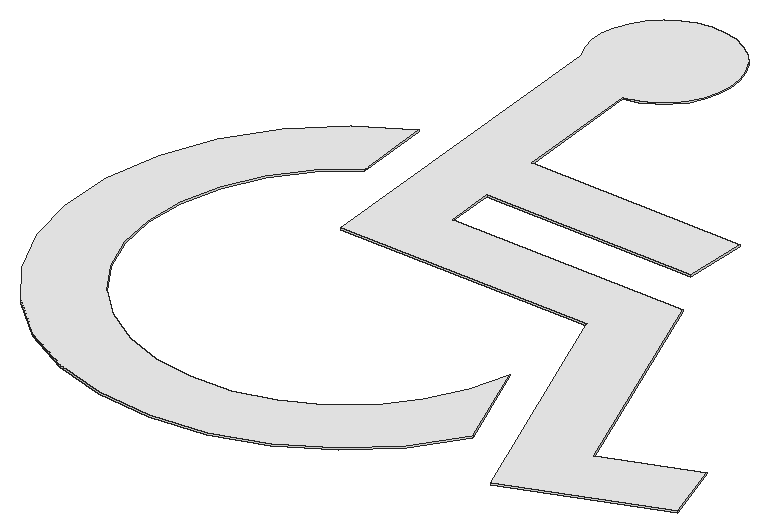
Revit family
Reference planes
  plane 1 "Center (Front/Back)": y = 0
  plane 2: z = 0
  plane 3 "Center (Left/Right)": x = 0
Forms (mm)
  Extrusion 1, solid, material "Paint - White"
    sketch origin (0, 0, 0) x (1, 0, 0) y (0, 1, 0)
      loop
        arc (16.539, 256.733) -> (33.408, 381.774) -> (-51.198, 288.17) r 66.045
        line (-51.198, 288.17) -> (-25.877, -44.022) -> (221, -44.022) -> (320.7, -289.21) -> (463.129, -232.263) -> (441.965, -170.56) -> (356.655, -204.669) -> (264.839, 21.129) -> (34.497, 21.129) -> (30.902, 68.291) -> (235.243, 68.291) -> (235.243, 129.983) -> (26.2, 129.983) -> (16.539, 256.733)
      loop
        line (-69.652, 40.392) -> (-75.437, 116.279)
        arc (-75.437, 116.279) -> (-148.737, -292.028) -> (262.753, -239.464) r 257.27
        line (262.753, -239.464) -> (224.079, -144.353)
        arc (224.079, -144.353) -> (-62.738, -274.492) -> (-69.652, 40.392) r 188.69
    from 0 to 1.587
